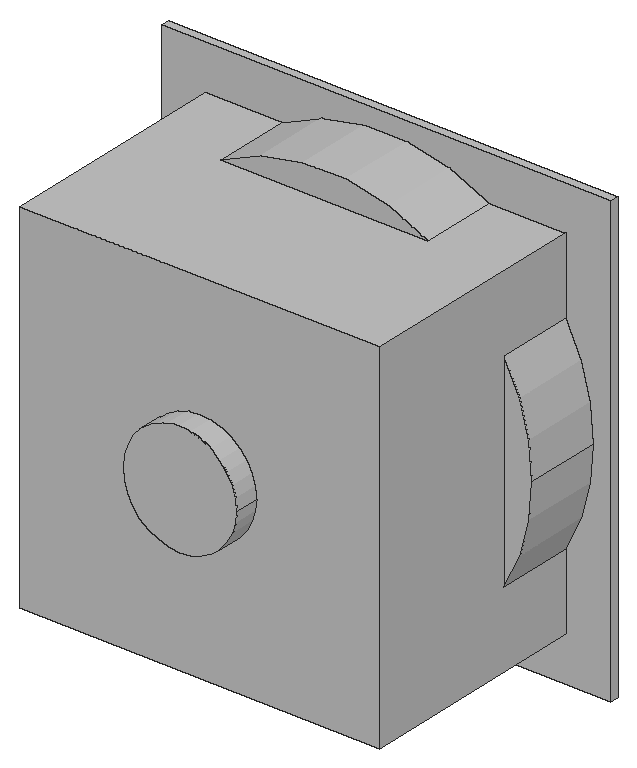
Revit family "ewf_ewg-40_60eta2_fta2-h_50Hz", category 機械設備, Revit 2019
Family settings
  丸型コネクタ寸法 = 直径を使用
  パーツ タイプ = 標準
  OmniClass 番号 = 23.75.35.21.17
  OmniClass タイトル = Industrial Ventilating Equipment
  作業面ベース = いいえ
  常に垂直 = はい
  ロード時にボイドで切り取り = はい
  共有 = いいえ
  部屋計算ポイント = はい
Parameters (values of type "EWF-40ETA2-H_200V")
  騒音レベル(dB(A)) [instance] = 46.5
  風量 [instance] = 設計風量  # 0.0 m³/h
  電源種別 [instance] = ""
  電圧 = 200 V
  電動機出力 = 400 W
  電動機_種別 [instance] = ""
  運転質量 = 0.00 kg
  連動 [instance] = ""
  質量 = if(製品質量 > 運転質量, 製品質量, 運転質量) * 1.2  # 19.92 kg
  負荷分類 = 3_ファン類
  説明 = "産業用有圧換気扇 低騒音形 耐熱タイプ 排気専用"
  設計風量 [instance] = 0.0 m³/h
  設置方法 = "壁付"
  記号 [instance] = ""
  製造元 = "三菱電機株式会社"
  製品質量 = 16.60 kg
  製品出荷対象 = "国内"
  製品リリース年月 = "2022年6月1日"
  製品グループ = ""
  羽根径 = "∅400"
  レグ_Depth = 279.4 mm
  系統 [instance] = ""
  符号 [instance] = if(☑給気／□排気, "FS", "FE")  # "FE"
  積算_科目 = ""
  積算_拾い区分 [instance] = ""
  相 = 3
  盤記号 [instance] = ""
  盤工事区分 = ""
  発停方法 [instance] = ""
  特殊仕様 [instance] = ""
  火災停止 [instance] = ""
  消費電力 = 210 W
  法定耐用年数 = "15"
  極数 = 3
  極 = 4
  材質 [instance] = ""
  操作・制御方式 = ""
  操作・制御スイッチ = ""
  排気量 [instance] = if(☑給気／□排気, 0.0 m³/h, 設計風量)  # 0.0 m³/h
  形式 = ""
  幹線記号 [instance] = ""
  対象室 [instance] = ""
  実風量 [instance] = 0.0 m³/h
  始動方式 [instance] = "直入"
  外気量 [instance] = if(☑給気／□排気, 設計風量, 0.0 m³/h)  # 0.0 m³/h
  呼称 = "有圧扇"
  周波数 = 50 Hz
  参照している仕様書等のバージョン = ""
  分類コード = "50052503100110"
  分類グループ = ""
  価格 = 185000
  企業コード = "108420"
  付属品_防振装置 = ""
  付属品 [instance] = ""
  仕様書バージョン = "Version1.0"
  レグ_Width = 416 mm
  レグ_Height = 416 mm
  モーター径 = 131 mm
  モデル = "EWF-40ETA2-H"
  フレームの厚さ = 10 mm
  ファンの種類 = "軸流羽根"
  コメント [instance] = ""
  Keynote = ""
  オリフィス_Depth = 99 mm
  ☑給気／□排気 [instance] = no
  Width = 520 mm
  Version = ""
  Uniclass2015Version = "Systems v1.9"
  Uniclass2015Title = "Propeller fans"
  Uniclass2015Code = "Pr_65_67_29_67"
  URL = "https://www.mitsubishielectric.co.jp/ldg/wink/ssl/displayProduct.do?pid=319052"
  SpecificationReference = ""
  SpecificationDescription = ""
  Revision = ""
  ProductInformation = ""
  OmniClassCode = "23-33 31 19 11 17"
  MIN風量 = 0.0 m³/h
  MID風量 = 0.0 m³/h
  MAX風量 = 4800.0 m³/h
  IfcTypeProduct = ""
  IfcProduct = ""
  IfcExportType = "TUBEAXIAL"
  IfcExportAs = "IfcFanType"
  Height = 520 mm
  オリフィス径 = 480 mm
  Depth = 308 mm
  Author = "三菱電機株式会社"
Types (6, lengths in mm): name | 騒音レベル(dB(A)) | 電圧 | 電動機出力 | 質量 | 製品質量 | 羽根径 | レグ_Depth | 消費電力 | 極 | 価格 | レグ_Width | レグ_Height | モーター径 | モデル | オリフィス_Depth | Width | URL | MAX風量 | Height | オリフィス径 | Depth
  EWF-40ETA2-H_200V | 46.5 | 200 V | 400 W | 19.92 kg | 16.60 kg | "∅400" | 279.4 | 210 W | 4 | 185000 | 416 | 416 | 131 | "EWF-40ETA2-H" | 99 | 520 | "https://www.mitsubishielectric.co.jp/ldg/wink/ssl/displayProduct.do?pid=319052" | 4800.0 m³/h | 520 | 480 | 308
  EWF-50FTA2-H_200V | 50 | 200 V | 750 W | 30.00 kg | 25.00 kg | "∅500" | 242 | 330 W | 4 | 231000 | 516 | 516 | 200 | "EWF-50FTA2-H" | 84 | 620 | "https://www.mitsubishielectric.co.jp/ldg/wink/ssl/displayProduct.do?pid=319063" | 6900.0 m³/h | 620 | 590 | 327
  EWG-60FTA2-H_200V | 47 | 200 V | 750 W | 34.80 kg | 29.00 kg | "∅600" | 290 | 375 W | 6 | 286000 | 606 | 606 | 200 | "EWG-60FTA2-H" | 119 | 710 | "https://www.mitsubishielectric.co.jp/ldg/wink/ssl/displayProduct.do?pid=318822" | 9420.0 m³/h | 710 | 703 | 375
  EWF-40ETA2-H_220V | 47 | 220 V | 400 W | 19.92 kg | 16.60 kg | "∅400" | 279.4 | 225 W | 4 | 185000 | 416 | 416 | 131 | "EWF-40ETA2-H" | 99 | 520 | "https://www.mitsubishielectric.co.jp/ldg/wink/ssl/displayProduct.do?pid=319052" | 4800.0 m³/h | 520 | 480 | 308
  EWF-50FTA2-H_220V | 50.5 | 220 V | 750 W | 30.00 kg | 25.00 kg | "∅500" | 242 | 345 W | 4 | 231000 | 516 | 516 | 200 | "EWF-50FTA2-H" | 84 | 620 | "https://www.mitsubishielectric.co.jp/ldg/wink/ssl/displayProduct.do?pid=319063" | 6900.0 m³/h | 620 | 590 | 327
  EWG-60FTA2-H_220V | 47 | 220 V | 750 W | 34.80 kg | 29.00 kg | "∅600" | 290 | 400 W | 6 | 286000 | 606 | 606 | 200 | "EWG-60FTA2-H" | 119 | 710 | "https://www.mitsubishielectric.co.jp/ldg/wink/ssl/displayProduct.do?pid=318822" | 9420.0 m³/h | 710 | 703 | 375
Reference planes
  plane 1 "中心(正面/背面)": y = 0
  plane 2: z = 0
  plane 3 "中心(左/右)": x = 0
  plane 4: z = 0
  plane 5: through (212.832, -1524, 243.759) normal (-0.6508, 0, -0.7593)
  plane 6: through (-212.884, -1524, -243.751) normal (0.6508, 0, 0.7593)
  plane 7: through (208.307, -1524, -247.63) normal (-0.6508, 0, 0.7593)
  plane 8: z = 260
  plane 9: z = -260
  plane 10 "左": x = -260
  plane 11 "右": x = 260
  plane 12 "正面": y = -308
  plane 13: y = -10
  plane 14: through (-208.307, -1524, -247.63) normal (-0.6508, 0, -0.7593)
  plane 15: y = -58
  plane 16: y = 42
  plane 17: x = -250
  plane 18: x = 250
  plane 19: y = -99
  plane 20: y = -279.4
  plane 21: x = -208
  plane 22: x = 208
  plane 23: z = 208
  plane 24: z = -208
Forms (mm)
  Extrusion 1, solid, detail levels fine
    sketch origin (0, 0, 0) x (1, 0, 0) y (0, 1, 0)
      loop
        line (-260, 0) -> (-260, -10) -> (260, -10) -> (260, 0) -> (-260, 0)
    from -260 to 260
  Extrusion 2, solid, detail levels fine
    sketch origin (140, -23.659, 0) x (-1, 0, 0) y (0, 0, -1)
      loop
        circle (140, 0) r 65.5
    from 255.741 to 284.341
  Extrusion 3, solid
    sketch origin (0, -153.783, 0) x (1, 0, 0) y (0, 0, 1)
      loop
        circle (0, 0) r 240
    from -143.783 to -54.783
  Extrusion 4, solid
    sketch origin (0, 0, 0) x (1, 0, 0) y (0, 0, 1)
      loop
        line (-208, 208) -> (-208, -208) -> (208, -208) -> (208, 208) -> (-208, 208)
    from 10 to 279.4
Cuts and joins
  joined: Extrusion 3, Extrusion 4
Lines and regions (mm)
  Masking region 1, detail levels coarse+medium
    outline origin (0, 0, 0) x (1, 0, 0) y (0, 1, 0)
      loop
        line (-250, -308) -> (250, -308) -> (250, -58) -> (-250, -58) -> (-250, -308)
  Masking region 2, detail levels coarse+medium
    outline origin (0, 0, 0) x (1, 0, 0) y (0, 1, 0)
      loop
        line (-224, -58) -> (224, -58) -> (224, 42) -> (-224, 42) -> (-224, -58)
  symbolic lines, detail levels coarse+medium
    curve 1: circle (224, -295.4, 0) r 115 normal (0, 0, 1)
    curve 2: circle (-224, -295.4, 0) r 115 normal (0, 0, -1)
Dimensions and locks
  level to plane 4 = 0 mm
  equal spacing: plane 8, level, plane 9
  "Depth": plane 12 "正面" to plane 1 "中心(正面/背面)"  (x2)
  "Width": plane 10 "左" to plane 11 "右"
  "Height": plane 8 to plane 9
  "フレームの厚さ": plane 13 to plane 1 "中心(正面/背面)"
  plane 12 "正面" to plane 15 to plane 16 = 250 mm locked, 100 mm locked
  locked: plane 17 to plane 18 at 500
  "オリフィス_Depth": plane 1 "中心(正面/背面)" to plane 19
  "レグ_Depth": plane 1 "中心(正面/背面)" to plane 20
  equal spacing: plane 10 "左", plane 3 "中心(左/右)", plane 11 "右"
  equal spacing: plane 22, plane 3 "中心(左/右)", plane 21
  "レグ_Width": plane 22 to plane 21
  equal spacing: plane 23, level, plane 24
  "レグ_Height": plane 23 to plane 24
  "オリフィス径": diameter of Extrusion 3 sketch curve
  "モーター径": diameter of Extrusion 2 sketch curve
  aligned and locked: level to plane 2
  aligned and locked: Extrusion 1 to plane 8
  aligned and locked: plane 10 "左" to Extrusion 1
  aligned and locked: Extrusion 1 to plane 11 "右"
  aligned and locked: plane 9 to Extrusion 1
  aligned and locked: Extrusion 1 to plane 13
  aligned and locked: Extrusion 1 to plane 1 "中心(正面/背面)"  (x5)
  aligned and locked: plane 12 "正面" to Extrusion 2
  aligned and locked: plane 1 "中心(正面/背面)" to Extrusion 1  (x2)
  aligned and locked: plane 4 to Extrusion 2 sketch curve
  aligned and locked: plane 12 "正面" to Masking region 1 sketch curve
  aligned and locked: plane 17 to Masking region 1 sketch curve
  aligned and locked: plane 15 to Masking region 1 sketch curve
  aligned and locked: plane 18 to Masking region 1 sketch curve
  aligned and locked: Masking region 2 sketch curve to plane 15
  aligned and locked: plane 16 to Masking region 2 sketch curve
  aligned and locked: Extrusion 3 to Extrusion 1
  aligned and locked: Extrusion 3 to plane 19
  aligned and locked: plane 20 to Extrusion 2
  aligned and locked: Extrusion 4 to Extrusion 2
  aligned and locked: Extrusion 4 to Extrusion 1
  aligned and locked: Extrusion 4 to plane 21
  aligned and locked: plane 23 to Extrusion 4
  aligned and locked: plane 22 to Extrusion 4
  aligned and locked: Extrusion 4 to plane 24
Automatic sketch dimensions
  Extrusion 1 sketch curve to plane 10 "左" = 0 mm
  Extrusion 1 sketch curve to plane 11 "右" = 0 mm
  Extrusion 1 sketch curve to plane 13 = 0 mm
  plane 1 "中心(正面/背面)" to Extrusion 1 sketch curve = 0 mm
  Extrusion 3 sketch curve to level = 0 mm
  Extrusion 3 sketch curve to plane 3 "中心(左/右)" = 0 mm
  curve 2 to plane 20 = 16 mm
  curve 1 to plane 20 = 16 mm
  curve 2 to plane 10 "左" = 36 mm
  Masking region 2 sketch curve to plane 10 "左" = 36 mm
  plane 11 "右" to curve 1 = 36 mm
  plane 11 "右" to Masking region 2 sketch curve = 36 mm
  Extrusion 2 sketch curve to plane 3 "中心(左/右)" = 0 mm
  Extrusion 4 sketch curve to plane 21 = 0 mm
  plane 22 to Extrusion 4 sketch curve = 0 mm
  Extrusion 4 sketch curve to plane 24 = 0 mm
  plane 23 to Extrusion 4 sketch curve = 0 mm
  radius of curve 1 = 115 mm
  radius of curve 2 = 115 mm
Connectors
  electrical at (260, -5, 0), driven by "電圧", driven by "負荷分類", driven by "消費電力", driven by "極数"
    settings: on Extrusion 1, index 2, voltage 200 V, apparent load 210 VA, apparent load phase1 0 VA, apparent load phase2 0 VA, apparent load phase3 0 VA, power factor 1, load classification "3_ファン類", number of poles 3, system type 30, power factor state 1, is connector primary yes, connector utility no, sub classification motor no, connector description ""
